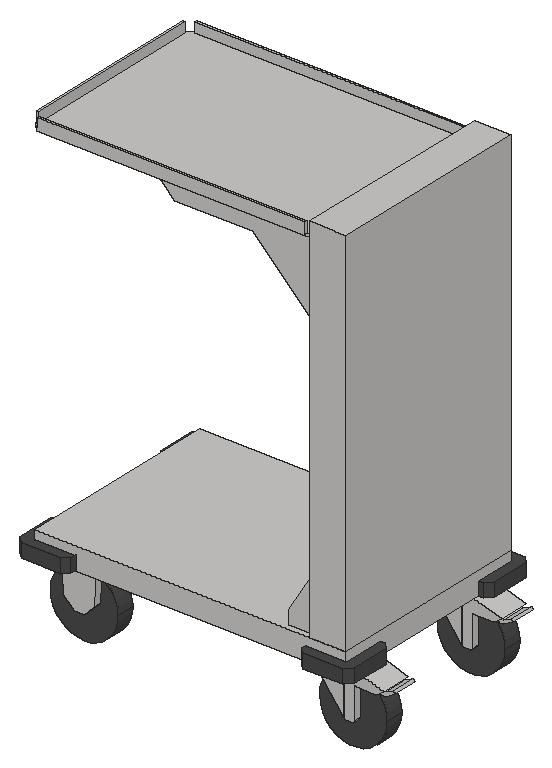
Revit family "QF_ELECTROLUXPROFESSIONAL_865135_HSTL800", category Attrezzature speciali, Revit 2020
Family settings
  Quota connettore circolare = Usa diametro
  Tipo di parte = Normale
  Basato su piano di lavoro = No
  Sempre verticale = Sì
  Taglio con vuoti quando caricato = No
  Condiviso = No
  Punto di calcolo locali = No
Parameters (values of type "Standard")
  Weight = 0.00 kg
  Watts = 0 W
  Volts = 0 V
  URL Manufacturer = ""
  URL = ""
  Steam Supply Size = 0 mm
  Steam Supply Minimum Pressure = 0.0 Pa
  Steam Supply Maximum Pressure = 0.0 Pa
  Steam Consumption per Hour = 0
  Show Clearance [instance] = yes
  Refrigeration Suction Line Size = 0 mm
  Refrigeration Liquid Line Size = 0 mm
  Refrigerant Compressor Remote = yes
  Prospetto di default = 0 mm
  Manufacturer = ""
  Phase = 0
  Model = ""
  Length Actual = 438 mm  # constant formula
  Item Number = ""
  Hot Water Size = 0 mm
  Height Actual = 900 mm  # constant formula
  HP = ""
  Gas Size = 0 mm
  Gas KW = 0
  Gas Input Pressure = 0 W
  Direct Waste Size = 0 mm
  Description = ""
  Depth Actual = 643 mm  # constant formula
  Cycle = 0 Hz
  Condensate Return Size = 0 mm
  Compressed Air Volume = 0.0 L/s
  Compressed Air Size = 0 mm
  Compressed Air Pressure = 0.0 Pa
  Cold Water Size = 0 mm
  Accessory = yes
Reference planes
  plane 1 "Back": y = 0
  plane 2: z = 0
  plane 3 "FRONT": y = -438
  plane 4 "LEFT": x = -126
  plane 5 "RIGHT": x = 517
  plane 6: x = 195.5
  plane 7 "Centro Avanti/Indietro": y = -219
  plane 8: z = 900
  plane 9: z = 450
  plane 10: z = 891.563
  plane 11: z = 868
  plane 12: z = 872
Forms (mm)
  Extrusion 1, solid, material "QF_Finishes_Stainless Steel"
    sketch origin (0, 0, 0) x (1, 0, 0) y (0, 1, 0)
      loop
        line (425.047, -21.163) -> (425.047, -416.837) -> (494.223, -416.837) -> (494.223, -21.163) -> (425.047, -21.163)
    from 183.831 to 900
  Extrusion 2, solid, material "QF_Finishes_Stainless Steel"
    sketch origin (-2.5, 0, 0) x (1, 0, 0) y (0, 1, 0)
      loop
        line (-100.723, -21.163) -> (-100.723, -416.837) -> (496.723, -416.837) -> (496.723, -21.163) -> (-100.723, -21.163)
    from 140.865 to 183.831
  Extrusion 3, solid, material "QF_Finishes_Black"
    sketch origin (0, 0, 0) x (1, 0, 0) y (0, 1, 0)
      loop
        line (-112.875, 0) -> (-126, -13.125) -> (-126, -87.5) -> (-113.5, -100) -> (-103.223, -100) -> (-103.223, -21.163) -> (-26, -21.163) -> (-26, -11.25) -> (-37.25, 0) -> (-112.875, 0)
    from 140.865 to 167.144
  Extrusion 4, solid, material "QF_Finishes_Black"
    sketch origin (391, 0, 0) x (-1, 0, 0) y (0, -1, 0)
      loop
        line (-112.875, 0) -> (-37.25, 0) -> (-26, 11.25) -> (-26, 21.163) -> (-103.223, 21.163) -> (-103.223, 100) -> (-113.5, 100) -> (-126, 87.5) -> (-126, 13.125) -> (-112.875, 0)
    from 140.865 to 167.144
  Extrusion 5, solid, material "QF_Finishes_Black"
    sketch origin (0, -438, 0) x (1, 0, 0) y (0, 1, 0)
      loop
        line (-112.875, 0) -> (-37.25, 0) -> (-26, 11.25) -> (-26, 21.163) -> (-103.223, 21.163) -> (-103.223, 100) -> (-113.5, 100) -> (-126, 87.5) -> (-126, 13.125) -> (-112.875, 0)
    from 140.865 to 167.144
  Extrusion 6, solid, material "QF_Finishes_Black"
    sketch origin (391, -438, 0) x (-1, 0, 0) y (0, -1, 0)
      loop
        line (-112.875, 0) -> (-126, -13.125) -> (-126, -87.5) -> (-113.5, -100) -> (-103.223, -100) -> (-103.223, -21.163) -> (-26, -21.163) -> (-26, -11.25) -> (-37.25, 0) -> (-112.875, 0)
    from 140.865 to 167.144
  Extrusion 7, solid, material "QF_Finishes_Stainless Steel"
    sketch origin (0, 0, 0) x (1, 0, 0) y (0, 1, 0)
      loop
        line (415.695, -31.163) -> (-103.223, -31.163) -> (-116, -43.94) -> (-116, -399.703) -> (-103.223, -412.48) -> (412.552, -412.48) -> (425.047, -399.985) -> (425.047, -40.515) -> (415.695, -31.163)
    from 868 to 891.563
  Extrusion 8, solid, material "QF_Finishes_Stainless Steel"
    sketch origin (0, 250, 0) x (-1, 0, 0) y (0, 0, 1)
      loop
        line (-95.5, 865.815) -> (-425.047, 865.815) -> (-425.047, 676.268) -> (-284.391, 816.924) -> (-134.391, 816.924) -> (-95.5, 855.815) -> (-95.5, 865.815)
    from -323.542 to -310
  Extrusion 9, solid, material "QF_Finishes_Stainless Steel"
    sketch origin (0, 250, 0) x (-1, 0, 0) y (0, 0, 1)
      loop
        line (-375.047, 183.831) -> (-375.047, 208.831) -> (-421.4, 285.976) -> (-425.047, 285.976) -> (-425.047, 183.831) -> (-375.047, 183.831)
    from -287.648 to -282.11
  Extrusion 10, solid, material "QF_Finishes_Stainless Steel"
    sketch origin (0, -688, 0) x (-1, 0, 0) y (0, 0, -1)
      loop
        line (-95.5, -868) -> (-95.5, -855.815) -> (-134.391, -816.924) -> (-284.391, -816.924) -> (-425.047, -676.268) -> (-425.047, -868) -> (-95.5, -868)
    from -323.542 to -310
  Extrusion 11, solid, material "QF_Finishes_Stainless Steel"
    sketch origin (0, -688, 0) x (-1, 0, 0) y (0, 0, -1)
      loop
        line (-375.047, -183.831) -> (-425.047, -183.831) -> (-425.047, -285.976) -> (-421.4, -285.976) -> (-375.047, -208.831) -> (-375.047, -183.831)
    from -287.648 to -282.11
  Extrusion 12, solid, material "QF_Finishes_Stainless Steel"
    sketch origin (0, 252.5, 0) x (-1, 0, 0) y (0, 0, 1)
      loop
        line (71.644, 140.865) -> (3.871, 140.865) -> (8.595, 73.298) -> (28.382, 53.511) -> (47.132, 53.511) -> (66.919, 73.298) -> (71.644, 140.865)
    from -644.885 to -633
  Extrusion 13, solid, material "QF_Finishes_Stainless Steel"
    sketch origin (0, 252.5, 0) x (-1, 0, 0) y (0, 0, 1)
      loop
        line (-407, 140.865) -> (-469.711, 140.865) -> (-469.711, 52.645) -> (-407, 135.865) -> (-407, 140.865)
    from -644.885 to -633
  Extrusion 14, solid, material "QF_Finishes_Stainless Steel"
    sketch origin (0, 250, 0) x (-1, 0, 0) y (0, 0, 1)
      loop
        line (-469.711, 52.645) -> (-469.711, 140.865) -> (-488.079, 140.865) -> (-546.553, 122.988) -> (-531.782, 112.645) -> (-491.782, 112.645) -> (-491.782, 52.645) -> (-488.246, 49.109) -> (-473.246, 49.109) -> (-469.711, 52.645)
    from -642.385 to -583.643
  Extrusion 15, solid, material "QF_Finishes_Stainless Steel"
    sketch origin (0, 250, 0) x (-1, 0, 0) y (0, 0, 1)
      loop
        line (-535.479, 115.234) -> (-543.494, 120.846) -> (-545.533, 118.807) -> (-561.019, 126.028) -> (-563.519, 121.698) -> (-546.199, 111.698) -> (-539.015, 111.698) -> (-535.479, 115.234)
    from -637.031 to -590
  Extrusion 16, solid, material "QF_Finishes_Stainless Steel"
    sketch origin (0, -978.528, 0) x (-1, 0, 0) y (0, 0, -1)
      loop
        line (71.644, -140.865) -> (66.919, -73.298) -> (47.132, -53.511) -> (28.382, -53.511) -> (8.595, -73.298) -> (3.871, -140.865) -> (71.644, -140.865)
    from -644.885 to -633
  Extrusion 17, solid, material "QF_Finishes_Stainless Steel"
    sketch origin (0, -978.528, 0) x (-1, 0, 0) y (0, 0, -1)
      loop
        line (-407, -140.865) -> (-407, -135.865) -> (-469.711, -52.645) -> (-469.711, -140.865) -> (-407, -140.865)
    from -644.885 to -633
  Extrusion 18, solid, material "QF_Finishes_Stainless Steel"
    sketch origin (0, -695.5, 0) x (-1, 0, 0) y (0, 0, -1)
      loop
        line (71.644, -140.865) -> (66.919, -73.298) -> (47.132, -53.511) -> (28.382, -53.511) -> (8.595, -73.298) -> (3.871, -140.865) -> (71.644, -140.865)
    from -644.885 to -633
  Extrusion 19, solid, material "QF_Finishes_Stainless Steel"
    sketch origin (0, -695.5, 0) x (-1, 0, 0) y (0, 0, -1)
      loop
        line (-407, -140.865) -> (-407, -135.865) -> (-469.711, -52.645) -> (-469.711, -140.865) -> (-407, -140.865)
    from -644.885 to -633
  Extrusion 20, solid, material "QF_Finishes_Stainless Steel"
    sketch origin (0, -693, 0) x (-1, 0, 0) y (0, 0, -1)
      loop
        line (-469.711, -52.645) -> (-473.246, -49.109) -> (-488.246, -49.109) -> (-491.782, -52.645) -> (-491.782, -112.645) -> (-531.782, -112.645) -> (-546.553, -122.988) -> (-488.079, -140.865) -> (-469.711, -140.865) -> (-469.711, -52.645)
    from -642.385 to -583.643
  Extrusion 21, solid, material "QF_Finishes_Stainless Steel"
    sketch origin (0, -693, 0) x (-1, 0, 0) y (0, 0, -1)
      loop
        line (-535.479, -115.234) -> (-539.015, -111.698) -> (-546.199, -111.698) -> (-563.519, -121.698) -> (-561.019, -126.028) -> (-545.533, -118.807) -> (-543.494, -120.846) -> (-535.479, -115.234)
    from -637.031 to -590
  Extrusion 22, solid, material "QF_Finishes_Stainless Steel"
    sketch origin (0, 535.528, 0) x (-1, 0, 0) y (0, 0, 1)
      loop
        line (71.644, 140.865) -> (3.871, 140.865) -> (8.595, 73.298) -> (28.382, 53.511) -> (47.132, 53.511) -> (66.919, 73.298) -> (71.644, 140.865)
    from -644.885 to -633
  Extrusion 23, solid, material "QF_Finishes_Stainless Steel"
    sketch origin (0, 535.528, 0) x (-1, 0, 0) y (0, 0, 1)
      loop
        line (-407, 140.865) -> (-469.711, 140.865) -> (-469.711, 52.645) -> (-407, 135.865) -> (-407, 140.865)
    from -644.885 to -633
  Extrusion 24, solid, material "QF_Finishes_Black"
    sketch origin (0, 250, 1.25) x (-1, 0, 0) y (0, 0, 1)
      loop
        circle (37.949, 63.776) r 65
    from -630.5 to -595.528
  Extrusion 25, solid, material "QF_Finishes_Black"
    sketch origin (441, 250, 1.25) x (1, 0, 0) y (0, 0, -1)
      loop
        circle (37.949, -63.776) r 65
    from -630.5 to -595.528
  Extrusion 26, solid, material "QF_Finishes_Black"
    sketch origin (0, -693, 1.25) x (-1, 0, 0) y (0, 0, -1)
      loop
        circle (37.949, -63.776) r 65
    from -630.5 to -595.528
  Extrusion 27, solid, material "QF_Finishes_Black"
    sketch origin (441, -693, 1.25) x (1, 0, 0) y (0, 0, 1)
      loop
        circle (37.949, 63.776) r 65
    from -630.5 to -595.528
  Extrusion 28, void
    sketch origin (441, -693, 1.25) x (1, 0, 0) y (0, 0, 1)
      loop
        circle (37.949, 63.776) r 65
    from -630.5 to -595.528
  Extrusion 29, void
    sketch origin (441, 250, 1.25) x (1, 0, 0) y (0, 0, -1)
      loop
        circle (37.949, -63.776) r 65
    from -630.5 to -595.528
  Extrusion 30, void
    sketch origin (0, 0, 0) x (1, 0, 0) y (0, 1, 0)
      loop
        line (414.038, -35.163) -> (-101.566, -35.163) -> (-101.566, -7.12) -> (-133.853, -45.597) -> (-112, -45.597) -> (-112, -398.046) -> (-132, -398.046) -> (-101.566, -428.48) -> (-101.566, -408.48) -> (410.895, -408.48) -> (410.895, -423.48) -> (430.335, -398.953) -> (421.047, -398.953) -> (421.047, -42.172) -> (436.047, -42.172) -> (414.038, -20.163) -> (414.038, -35.163)
    from 872 to 900
Cuts and joins
  Extrusion 28 cuts Extrusion 20
  Extrusion 29 cuts Extrusion 14
  Extrusion 30 cuts Extrusion 7
Dimensions and locks
  plane 5 "RIGHT" to plane 4 "LEFT" = 643 mm
  plane 4 "LEFT" to plane 5 "RIGHT" = 643 mm
  plane 3 "FRONT" to plane 1 "Back" = 438 mm
  plane 1 "Back" to plane 3 "FRONT" = 438 mm
  equal spacing: plane 4 "LEFT", plane 6, plane 5 "RIGHT"
  equal spacing: plane 3 "FRONT", plane 7 "Centro Avanti/Indietro", plane 1 "Back"
  equal spacing: plane 8, plane 9, plane 2
  plane 8 to plane 2 = 900 mm
  locked: plane 12 to plane 11 at 4
  locked: plane 8 to plane 10 at 8.437
  plane 8 to plane 11 = 32 mm
  aligned and locked: level to plane 2
  aligned and locked: plane 8 to Extrusion 1
  aligned and locked: Extrusion 7 to plane 10
  aligned and locked: plane 11 to Extrusion 7
  aligned and locked: Extrusion 10 to cut or joined group of Extrusion 7, Extrusion 30
  aligned and locked: Extrusion 30 to plane 12
  aligned and locked: plane 8 to Extrusion 30
Automatic sketch dimensions
  plane 3 "FRONT" to Extrusion 1 sketch curve = 21.163 mm
  plane 5 "RIGHT" to Extrusion 1 sketch curve = 91.953 mm
  plane 5 "RIGHT" to Extrusion 1 sketch curve = 22.777 mm
  plane 1 "Back" to Extrusion 1 sketch curve = 21.163 mm
  plane 4 "LEFT" to Extrusion 2 sketch curve = 22.777 mm
  plane 5 "RIGHT" to Extrusion 2 sketch curve = 22.777 mm
  plane 3 "FRONT" to Extrusion 2 sketch curve = 21.163 mm
  plane 1 "Back" to Extrusion 2 sketch curve = 21.163 mm
  Extrusion 3 sketch curve to plane 4 "LEFT" = 0 mm
  plane 1 "Back" to Extrusion 3 sketch curve = 0 mm
  plane 4 "LEFT" to Extrusion 3 sketch curve = 12.5 mm
  plane 4 "LEFT" to Extrusion 3 sketch curve = 13.125 mm
  Extrusion 3 sketch curve to Extrusion 3 sketch curve = 10.277 mm
  Extrusion 3 sketch curve to Extrusion 3 sketch curve = 65.973 mm
  Extrusion 3 sketch curve to Extrusion 3 sketch curve = 11.25 mm
  plane 1 "Back" to Extrusion 3 sketch curve = 11.25 mm
  plane 1 "Back" to Extrusion 3 sketch curve = 13.125 mm
  Extrusion 3 sketch curve to Extrusion 3 sketch curve = 9.913 mm
  Extrusion 3 sketch curve to Extrusion 3 sketch curve = 66.337 mm
  Extrusion 3 sketch curve to Extrusion 3 sketch curve = 12.5 mm
  Extrusion 4 sketch curve to plane 5 "RIGHT" = 0 mm
  plane 1 "Back" to Extrusion 4 sketch curve = 0 mm
  Extrusion 4 sketch curve to plane 5 "RIGHT" = 12.5 mm
  Extrusion 4 sketch curve to plane 5 "RIGHT" = 13.125 mm
  Extrusion 4 sketch curve to Extrusion 4 sketch curve = 10.277 mm
  Extrusion 4 sketch curve to Extrusion 4 sketch curve = 65.973 mm
  Extrusion 4 sketch curve to Extrusion 4 sketch curve = 11.25 mm
  Extrusion 4 sketch curve to plane 1 "Back" = 11.25 mm
  Extrusion 4 sketch curve to plane 1 "Back" = 13.125 mm
  Extrusion 4 sketch curve to Extrusion 4 sketch curve = 9.913 mm
  Extrusion 4 sketch curve to Extrusion 4 sketch curve = 66.337 mm
  Extrusion 4 sketch curve to Extrusion 4 sketch curve = 12.5 mm
  Extrusion 5 sketch curve to plane 4 "LEFT" = 0 mm
  Extrusion 5 sketch curve to plane 3 "FRONT" = 0 mm
  Extrusion 5 sketch curve to plane 4 "LEFT" = 12.5 mm
  Extrusion 5 sketch curve to plane 4 "LEFT" = 13.125 mm
  Extrusion 5 sketch curve to Extrusion 5 sketch curve = 10.277 mm
  Extrusion 5 sketch curve to Extrusion 5 sketch curve = 65.973 mm
  Extrusion 5 sketch curve to Extrusion 5 sketch curve = 11.25 mm
  Extrusion 5 sketch curve to plane 3 "FRONT" = 11.25 mm
  Extrusion 5 sketch curve to plane 3 "FRONT" = 13.125 mm
  Extrusion 5 sketch curve to Extrusion 5 sketch curve = 9.913 mm
  Extrusion 5 sketch curve to Extrusion 5 sketch curve = 66.337 mm
  Extrusion 5 sketch curve to Extrusion 5 sketch curve = 12.5 mm
  Extrusion 6 sketch curve to plane 5 "RIGHT" = 0 mm
  Extrusion 6 sketch curve to plane 3 "FRONT" = 0 mm
  plane 5 "RIGHT" to Extrusion 6 sketch curve = 12.5 mm
  plane 5 "RIGHT" to Extrusion 6 sketch curve = 13.125 mm
  Extrusion 6 sketch curve to Extrusion 6 sketch curve = 10.277 mm
  Extrusion 6 sketch curve to Extrusion 6 sketch curve = 65.973 mm
  Extrusion 6 sketch curve to Extrusion 6 sketch curve = 11.25 mm
  plane 3 "FRONT" to Extrusion 6 sketch curve = 11.25 mm
  plane 3 "FRONT" to Extrusion 6 sketch curve = 13.125 mm
  Extrusion 6 sketch curve to Extrusion 6 sketch curve = 9.913 mm
  Extrusion 6 sketch curve to Extrusion 6 sketch curve = 66.337 mm
  Extrusion 6 sketch curve to Extrusion 6 sketch curve = 12.5 mm
  plane 4 "LEFT" to Extrusion 7 sketch curve = 10 mm
  Extrusion 7 sketch curve to Extrusion 7 sketch curve = 12.777 mm  (x4)
  plane 3 "FRONT" to Extrusion 7 sketch curve = 25.52 mm
  plane 5 "RIGHT" to Extrusion 7 sketch curve = 104.448 mm
  plane 1 "Back" to Extrusion 7 sketch curve = 31.163 mm
  plane 5 "RIGHT" to Extrusion 7 sketch curve = 101.305 mm
  plane 3 "FRONT" to Extrusion 7 sketch curve = 38.015 mm
  Extrusion 7 sketch curve to Extrusion 7 sketch curve = 12.495 mm
  Extrusion 7 sketch curve to Extrusion 7 sketch curve = 9.352 mm
  Extrusion 8 sketch curve to plane 8 = 34.185 mm
  plane 5 "RIGHT" to Extrusion 8 sketch curve = 91.953 mm
  plane 6 to Extrusion 8 sketch curve = 88.891 mm
  Extrusion 8 sketch curve to plane 6 = 61.109 mm
  Extrusion 8 sketch curve to Extrusion 8 sketch curve = 38.891 mm
  Extrusion 8 sketch curve to Extrusion 8 sketch curve = 10 mm
  Extrusion 8 sketch curve to plane 8 = 83.076 mm
  Extrusion 8 sketch curve to Extrusion 8 sketch curve = 189.547 mm
  plane 5 "RIGHT" to Extrusion 9 sketch curve = 91.953 mm
  Extrusion 9 sketch curve to Extrusion 9 sketch curve = 3.647 mm
  Extrusion 9 sketch curve to Extrusion 9 sketch curve = 50 mm
  level to Extrusion 9 sketch curve = 183.831 mm
  Extrusion 9 sketch curve to Extrusion 9 sketch curve = 25 mm
  Extrusion 9 sketch curve to Extrusion 9 sketch curve = 77.145 mm
  Extrusion 10 sketch curve to plane 8 = 32 mm
  plane 5 "RIGHT" to Extrusion 10 sketch curve = 91.953 mm
  plane 6 to Extrusion 10 sketch curve = 88.891 mm
  Extrusion 10 sketch curve to plane 6 = 61.109 mm
  Extrusion 10 sketch curve to Extrusion 10 sketch curve = 38.891 mm
  Extrusion 10 sketch curve to Extrusion 10 sketch curve = 12.185 mm
  Extrusion 10 sketch curve to plane 8 = 83.076 mm
  Extrusion 10 sketch curve to Extrusion 10 sketch curve = 191.732 mm
  plane 5 "RIGHT" to Extrusion 11 sketch curve = 91.953 mm
  Extrusion 11 sketch curve to Extrusion 11 sketch curve = 3.647 mm
  Extrusion 11 sketch curve to Extrusion 11 sketch curve = 50 mm
  level to Extrusion 11 sketch curve = 285.976 mm
  Extrusion 11 sketch curve to Extrusion 11 sketch curve = 77.145 mm
  Extrusion 11 sketch curve to Extrusion 11 sketch curve = 25 mm
  plane 4 "LEFT" to Extrusion 12 sketch curve = 122.129 mm
  Extrusion 12 sketch curve to Extrusion 12 sketch curve = 4.725 mm
  Extrusion 12 sketch curve to Extrusion 12 sketch curve = 19.787 mm  (x4)
  Extrusion 12 sketch curve to Extrusion 12 sketch curve = 18.75 mm
  plane 4 "LEFT" to Extrusion 12 sketch curve = 54.356 mm
  level to Extrusion 12 sketch curve = 53.511 mm
  Extrusion 12 sketch curve to Extrusion 12 sketch curve = 67.567 mm
  plane 5 "RIGHT" to Extrusion 13 sketch curve = 47.289 mm
  Extrusion 13 sketch curve to Extrusion 13 sketch curve = 62.711 mm
  level to Extrusion 13 sketch curve = 52.645 mm
  Extrusion 13 sketch curve to Extrusion 13 sketch curve = 83.22 mm
  Extrusion 13 sketch curve to Extrusion 13 sketch curve = 5 mm
  Extrusion 14 sketch curve to plane 5 "RIGHT" = 29.553 mm
  Extrusion 14 sketch curve to plane 5 "RIGHT" = 14.782 mm
  plane 5 "RIGHT" to Extrusion 14 sketch curve = 25.218 mm
  Extrusion 14 sketch curve to Extrusion 14 sketch curve = 3.536 mm  (x4)
  Extrusion 14 sketch curve to Extrusion 14 sketch curve = 3.703 mm
  Extrusion 14 sketch curve to Extrusion 14 sketch curve = 15 mm
  level to Extrusion 14 sketch curve = 49.109 mm
  Extrusion 14 sketch curve to Extrusion 14 sketch curve = 60 mm
  Extrusion 14 sketch curve to Extrusion 14 sketch curve = 10.343 mm
  Extrusion 14 sketch curve to Extrusion 14 sketch curve = 28.22 mm
  Extrusion 15 sketch curve to plane 5 "RIGHT" = 46.519 mm
  Extrusion 15 sketch curve to Extrusion 15 sketch curve = 2.5 mm
  Extrusion 15 sketch curve to Extrusion 15 sketch curve = 17.321 mm
  Extrusion 15 sketch curve to Extrusion 15 sketch curve = 0.665 mm
  Extrusion 15 sketch curve to Extrusion 15 sketch curve = 2.039 mm  (x2)
  Extrusion 15 sketch curve to Extrusion 15 sketch curve = 7.184 mm
  Extrusion 15 sketch curve to Extrusion 15 sketch curve = 3.536 mm  (x2)
  level to Extrusion 15 sketch curve = 111.698 mm
  Extrusion 15 sketch curve to Extrusion 15 sketch curve = 7.109 mm
  Extrusion 15 sketch curve to Extrusion 15 sketch curve = 2.891 mm
  plane 4 "LEFT" to Extrusion 16 sketch curve = 122.129 mm
  Extrusion 16 sketch curve to Extrusion 16 sketch curve = 4.725 mm
  Extrusion 16 sketch curve to Extrusion 16 sketch curve = 19.787 mm  (x3)
  Extrusion 16 sketch curve to Extrusion 16 sketch curve = 18.75 mm
  plane 4 "LEFT" to Extrusion 16 sketch curve = 54.356 mm
  level to Extrusion 16 sketch curve = 140.865 mm
  Extrusion 16 sketch curve to Extrusion 16 sketch curve = 67.567 mm
  Extrusion 16 sketch curve to Extrusion 16 sketch curve = 0 mm
  plane 5 "RIGHT" to Extrusion 17 sketch curve = 47.289 mm
  Extrusion 17 sketch curve to Extrusion 17 sketch curve = 62.711 mm
  level to Extrusion 17 sketch curve = 140.865 mm
  Extrusion 17 sketch curve to Extrusion 17 sketch curve = 5 mm
  level to Extrusion 17 sketch curve = 52.645 mm
  plane 4 "LEFT" to Extrusion 18 sketch curve = 122.129 mm
  Extrusion 18 sketch curve to Extrusion 18 sketch curve = 4.725 mm
  Extrusion 18 sketch curve to Extrusion 18 sketch curve = 19.787 mm  (x3)
  Extrusion 18 sketch curve to Extrusion 18 sketch curve = 18.75 mm
  plane 4 "LEFT" to Extrusion 18 sketch curve = 54.356 mm
  level to Extrusion 18 sketch curve = 140.865 mm
  Extrusion 18 sketch curve to Extrusion 18 sketch curve = 67.567 mm
  Extrusion 18 sketch curve to Extrusion 18 sketch curve = 0 mm
  plane 5 "RIGHT" to Extrusion 19 sketch curve = 47.289 mm
  Extrusion 19 sketch curve to Extrusion 19 sketch curve = 62.711 mm
  level to Extrusion 19 sketch curve = 140.865 mm
  Extrusion 19 sketch curve to Extrusion 19 sketch curve = 5 mm
  level to Extrusion 19 sketch curve = 52.645 mm
  Extrusion 20 sketch curve to plane 5 "RIGHT" = 29.553 mm
  Extrusion 20 sketch curve to plane 5 "RIGHT" = 14.782 mm
  plane 5 "RIGHT" to Extrusion 20 sketch curve = 25.218 mm
  Extrusion 20 sketch curve to Extrusion 20 sketch curve = 3.536 mm  (x3)
  Extrusion 20 sketch curve to Extrusion 20 sketch curve = 3.703 mm
  Extrusion 20 sketch curve to Extrusion 20 sketch curve = 15 mm
  level to Extrusion 20 sketch curve = 140.865 mm
  Extrusion 20 sketch curve to Extrusion 20 sketch curve = 17.877 mm
  Extrusion 20 sketch curve to Extrusion 20 sketch curve = 10.343 mm
  level to Extrusion 20 sketch curve = 52.645 mm
  Extrusion 20 sketch curve to Extrusion 20 sketch curve = 0 mm
  Extrusion 21 sketch curve to plane 5 "RIGHT" = 46.519 mm
  Extrusion 21 sketch curve to Extrusion 21 sketch curve = 2.5 mm
  Extrusion 21 sketch curve to Extrusion 21 sketch curve = 17.321 mm
  Extrusion 21 sketch curve to Extrusion 21 sketch curve = 0.665 mm
  Extrusion 21 sketch curve to Extrusion 21 sketch curve = 2.039 mm  (x2)
  Extrusion 21 sketch curve to Extrusion 21 sketch curve = 7.184 mm
  Extrusion 21 sketch curve to Extrusion 21 sketch curve = 3.536 mm  (x2)
  level to Extrusion 21 sketch curve = 126.028 mm
  Extrusion 21 sketch curve to Extrusion 21 sketch curve = 4.33 mm
  Extrusion 21 sketch curve to Extrusion 21 sketch curve = 9.148 mm
  plane 4 "LEFT" to Extrusion 22 sketch curve = 122.129 mm
  Extrusion 22 sketch curve to Extrusion 22 sketch curve = 4.725 mm
  Extrusion 22 sketch curve to Extrusion 22 sketch curve = 19.787 mm  (x4)
  Extrusion 22 sketch curve to Extrusion 22 sketch curve = 18.75 mm
  plane 4 "LEFT" to Extrusion 22 sketch curve = 54.356 mm
  level to Extrusion 22 sketch curve = 53.511 mm
  Extrusion 22 sketch curve to Extrusion 22 sketch curve = 67.567 mm
  plane 5 "RIGHT" to Extrusion 23 sketch curve = 47.289 mm
  Extrusion 23 sketch curve to Extrusion 23 sketch curve = 62.711 mm
  level to Extrusion 23 sketch curve = 52.645 mm
  Extrusion 23 sketch curve to Extrusion 23 sketch curve = 83.22 mm
  Extrusion 23 sketch curve to Extrusion 23 sketch curve = 5 mm
  plane 4 "LEFT" to Extrusion 24 sketch curve = 88.051 mm
  level to Extrusion 24 sketch curve = 65.026 mm
  plane 5 "RIGHT" to Extrusion 25 sketch curve = 38.051 mm
  level to Extrusion 25 sketch curve = 65.026 mm
  plane 4 "LEFT" to Extrusion 26 sketch curve = 88.051 mm
  level to Extrusion 26 sketch curve = 65.026 mm
  plane 5 "RIGHT" to Extrusion 27 sketch curve = 38.051 mm
  level to Extrusion 27 sketch curve = 65.026 mm
  plane 5 "RIGHT" to Extrusion 28 sketch curve = 38.051 mm
  level to Extrusion 28 sketch curve = 65.026 mm
  plane 5 "RIGHT" to Extrusion 29 sketch curve = 38.051 mm
  level to Extrusion 29 sketch curve = 65.026 mm
  Extrusion 30 sketch curve to plane 4 "LEFT" = 7.853 mm
  Extrusion 30 sketch curve to plane 4 "LEFT" = 6 mm
  plane 4 "LEFT" to Extrusion 30 sketch curve = 14 mm
  Extrusion 30 sketch curve to Extrusion 30 sketch curve = 10.434 mm  (x4)
  plane 3 "FRONT" to Extrusion 30 sketch curve = 14.52 mm
  plane 5 "RIGHT" to Extrusion 30 sketch curve = 106.105 mm
  plane 1 "Back" to Extrusion 30 sketch curve = 35.163 mm
  plane 5 "RIGHT" to Extrusion 30 sketch curve = 102.962 mm
  Extrusion 30 sketch curve to Extrusion 30 sketch curve = 10.152 mm
  plane 3 "FRONT" to Extrusion 30 sketch curve = 39.047 mm
  Extrusion 30 sketch curve to Extrusion 30 sketch curve = 9.288 mm
  Extrusion 30 sketch curve to Extrusion 30 sketch curve = 15 mm
  plane 3 "FRONT" to Extrusion 30 sketch curve = 9.52 mm
  Extrusion 30 sketch curve to Extrusion 30 sketch curve = 9.527 mm
  Extrusion 30 sketch curve to Extrusion 30 sketch curve = 7.009 mm
  plane 1 "Back" to Extrusion 30 sketch curve = 7.12 mm
  plane 1 "Back" to Extrusion 30 sketch curve = 20.163 mm
  radius of Extrusion 24 sketch curve = 65 mm
  radius of Extrusion 25 sketch curve = 65 mm
  radius of Extrusion 26 sketch curve = 65 mm
  radius of Extrusion 27 sketch curve = 65 mm
  radius of Extrusion 28 sketch curve = 65 mm
  radius of Extrusion 29 sketch curve = 65 mm
